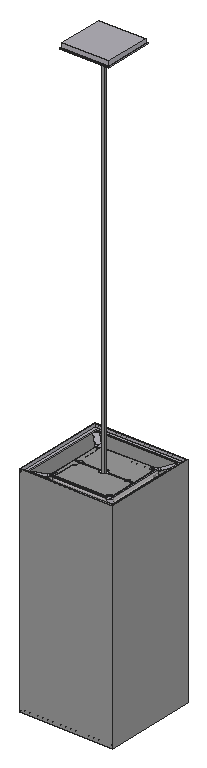
Revit family "Lighting - Lumetta - Pendant - P2093", category Lighting Fixtures, host Ceiling, Revit 2015
Parameters
  Wattage = 14.4067 W
  built-in parameter 1150110 = 1 (stored number, unit not read)
  URL = ""
  built-in parameter 1114217 = 1 (stored number, unit not read)
  Top Lens-Material [instance] = Acrylic - 2447 - White
  Top Lens [instance] = yes
  built-in parameter 1150109 = 1 (stored number, unit not read)
  built-in parameter 1150134 = (empty or 0)
  Suspension [instance] = 1
  built-in parameter 1150113 = 1 (stored number, unit not read)
  P2093 URL [instance] = "https://lumetta.com/luminaires/shadow-box-27-pendant/"
  NON Stem Canopy [instance] = not(Suspension = 3)  # yes
  Model = "P2093"  # constant formula
  Manufacturer = "Lumetta, Inc."  # constant formula
  Lumens = 2140 lm
  built-in parameter 1150115 = 1 (stored number, unit not read)
  built-in parameter 1150105 = 170.3 (stored number, unit not read)
  Light Source Symbol Size = 0' - 1"
  built-in parameter 1150137 = (empty or 0)
  built-in parameter 1150139 = (empty or 0)
  built-in parameter 1150112 = 1 (stored number, unit not read)
  built-in parameter 1150114 = 1 (stored number, unit not read)
  built-in parameter 1150132 = 2
  built-in parameter 1150102 = (empty or 0)
  built-in parameter 1150138 = (empty or 0)
  built-in parameter 1150107 = 3000 (stored number, unit not read)
  built-in parameter 1150106 = 1.703 (stored number, unit not read)
  Frame Finish [instance] = Paint - Lumetta - F02 - PC_Chrome
  Fixture Drop [instance] = 4' - 0"
  built-in parameter 1150104 = 13.8 (stored number, unit not read)
  Dimming Lamp Color Temperature Shift = (empty or 0)
  Diffuser Material-Outer [instance] = Glass, Cast, Gray
  Diffuser Material-Inner [instance] = Shade - Lumetta - D61 - MT_White
  Description = "Shadow Box 27'' Pendant"  # constant formula
  Coupling-Stems over 60 inches [instance] = and(Stem Hung, Fixture Drop > 5' 0")  # no
  Cord Color [instance] = Cord, Black
  Cone Nut-STD-2-3Wire [instance] = Suspension = 1  # yes
  Color Filter = 16777215
  Bushing-LED-4Wire [instance] = Suspension = 2  # no
  Bottom Lens-Material [instance] = Acrylic - P95 - Etched White
  Bottom Lens [instance] = no
  built-in parameter 1114218 = 1 (stored number, unit not read)
  built-in parameter 1150133 = 10 (stored number, unit not read)
  Stem Hung [instance] = Suspension = 3  # no
  1CRD-LED-4Wire [instance] = or(Suspension = 1, Suspension = 2)  # yes
  1 CRD-STD [instance] = or(Suspension = 1, Suspension = 2)  # yes
Reference planes (in)
  plane 1 "Light Source Axis (F/B)": y = 0
  plane 2 "Ceiling": z = 98.08023
  plane 3 "Light Source Axis (L/R)": x = 0
  plane 4 "Light Source Elevation": z = 47.45523
  plane 5 "Fixture Inner Top": z = 50.08023
  plane 6 "Fixture-Height-DIFF-DIFI": z = 30.08023
  plane 7 "Lamping Start": z = 47.38052
  plane 8 "Frame Length-Left": x = -3.75
  plane 9 "Frame Length-Right": x = 3.75
  plane 10 "Frame Width-TOP": y = 3.75
  plane 11 "Frame Width-BTM": y = -3.75
  plane 12 "Outer Frame-Left": x = -5.75
  plane 13 "Outer Frame-Right": x = 5.75
  plane 14 "Outer Frame-Top": y = 5.75
  plane 15 "Outer Frame-BTM": y = -5.75
  plane 16 "Fixture-Height-DIFO": z = 24.01773
  plane 17 "Fixture Outer Top": z = 51.01773
  plane 18 "Shadow Tabs": through (-5.75, -5.75, 90) normal (-0.7071, 0.7071, 0)
Forms (in)
  Extrusion 1, solid, material "Paint - Lumetta - F02 - PC_Chrome" <- "Frame Finish", visible <- "NON Stem Canopy"
    sketch origin (0, 0, 98.08023) x (1, 0, 0) y (0, 1, 0)
      loop
        line (-2.875, -2.875) -> (2.875, -2.875) -> (2.875, 2.875) -> (-2.875, 2.875) -> (-2.875, -2.875)
    from 0 to -0.51061
  Extrusion 2, solid, material "Paint - Lumetta - F02 - PC_Chrome" <- "Frame Finish"
    sketch origin (0, 0, 50.08023) x (0, -1, 0) y (1, 0, 0)
      loop
        line (-3.75, -3.75) -> (3.75, -3.75) -> (3.75, 3.75) -> (-3.75, 3.75) -> (-3.75, -3.75)
      loop
        line (-3.25, -2.97254) -> (-2.97254, -3.25) -> (-0.86007, -3.25) -> (-0.29757, -2.6875) -> (0.20243, -2.6875) -> (0.76493, -3.25) -> (2.97254, -3.25) -> (3.25, -2.97254) -> (3.25, 2.97254) -> (2.97254, 3.25) -> (0.8125, 3.25) -> (0.25, 2.6875) -> (-0.25, 2.6875) -> (-0.8125, 3.25) -> (-2.97254, 3.25) -> (-3.25, 2.97254) -> (-3.25, -2.97254)
      loop
        circle (0, -2.9375) r 0.09369
      loop
        circle (0, 2.84234) r 0.09516
      loop
        circle (-3.375, -3.375) r 0.09341
      loop
        circle (-3.375, 3.375) r 0.09341
      loop
        circle (3.375, -3.375) r 0.09341
      loop
        circle (3.375, 3.375) r 0.09341
    from 0 to -0.38992
  Extrusion 3, void
    sketch origin (0, 0, 50.08023) x (0, -1, 0) y (1, 0, 0)
      loop
        line (-3.6875, -3.6875) -> (3.6875, -3.6875) -> (3.6875, 3.6875) -> (-3.6875, 3.6875) -> (-3.6875, -3.6875)
    from -0.04896 to -0.48478
  Extrusion 4, solid, material "Paint - Lumetta - F02 - PC_Chrome" <- "Frame Finish"
    sketch origin (0, 0, 30.08023) x (-1, 0, 0) y (0, -1, 0)
      loop
        line (3.75, -3.75) -> (3.75, 3.75) -> (-3.75, 3.75) -> (-3.75, -3.75) -> (3.75, -3.75)
      loop
        arc (3.14063, -3.25) -> (3.21796, -3.21796) -> (3.25, -3.14063) r 0.10938
        line (3.25, -3.14063) -> (3.25, 3.14063)
        arc (3.25, 3.14063) -> (3.21796, 3.21796) -> (3.14063, 3.25) r 0.10938
        line (3.14063, 3.25) -> (-3.14062, 3.25)
        arc (-3.14062, 3.25) -> (-3.21796, 3.21796) -> (-3.25, 3.14063) r 0.10938
        line (-3.25, 3.14063) -> (-3.25, -3.14063)
        arc (-3.25, -3.14063) -> (-3.21796, -3.21796) -> (-3.14062, -3.25) r 0.10938
        line (-3.14062, -3.25) -> (3.14063, -3.25)
    from 0 to 0.39015
  Extrusion 5, void
    sketch origin (0, 0, 30.08023) x (-1, 0, 0) y (0, -1, 0)
      loop
        line (3.6875, -3.6875) -> (3.6875, 3.6875) -> (-3.6875, 3.6875) -> (-3.6875, -3.6875) -> (3.6875, -3.6875)
    from 0.0625 to 0.64163
  Extrusion 6, solid, material "Paint - Lumetta - F02 - PC_Chrome" <- "Frame Finish"
    sketch origin (0, 0, 36.01773) x (0, -1, 0) y (1, 0, 0)
      loop
        line (-3.75, 3.75) -> (-3.75, 3.3125) -> (-3.6875, 3.3125) -> (-3.6875, 3.6875) -> (-3.3125, 3.6875) -> (-3.3125, 3.75) -> (-3.75, 3.75)
      loop
        line (-3.75, -3.75) -> (-3.3125, -3.75) -> (-3.3125, -3.6875) -> (-3.6875, -3.6875) -> (-3.6875, -3.3125) -> (-3.75, -3.3125) -> (-3.75, -3.75)
      loop
        line (3.75, -3.75) -> (3.75, -3.3125) -> (3.6875, -3.3125) -> (3.6875, -3.6875) -> (3.3125, -3.6875) -> (3.3125, -3.75) -> (3.75, -3.75)
      loop
        line (3.75, 3.75) -> (3.3125, 3.75) -> (3.3125, 3.6875) -> (3.6875, 3.6875) -> (3.6875, 3.3125) -> (3.75, 3.3125) -> (3.75, 3.75)
    from -5.9375 to 14.0625
  Extrusion 7, solid, material "Paint - Lumetta - F02 - PC_Chrome" <- "Frame Finish", visible <- "NON Stem Canopy"
    sketch origin (18, 0.5, 98.08023) x (1, 0, 0) y (0, 1, 0)
      loop
        line (-21, -3.5) -> (-15, -3.5) -> (-15, 2.5) -> (-21, 2.5) -> (-21, -3.5)
      loop
        circle (-18, -0.5) r 0.34375
    from -0.58679 to -0.51061
  Revolve 8, solid, material "Paint - Lumetta - F02 - PC_Chrome" <- "Frame Finish", visible <- "Cone Nut-STD-2-3Wire"
    sketch origin (0, 0, 0) x (1, 0, 0) y (0, 0, 1)
      loop
        line (0, 97.49343) -> (0, 96.99343) -> (0.28122, 96.99343) -> (0.37341, 97.49343) -> (0, 97.49343)
      axis (0, 96.99343) -> (0, 97.49343)
    angle from 0 to 360
  Extrusion 9, solid, material "Cord, Black" <- "Cord Color", visible <- "1 CRD-STD"
    sketch origin (0, 0, 98.08023) x (1, 0, 0) y (0, 1, 0)
      loop
        circle (0, 0) r 0.1566
    from -0.51061 to -48.12804
  Extrusion 10, solid, material "Paint - Lumetta - F02 - PC_Chrome" <- "Frame Finish", visible <- "Stem Hung"
    sketch origin (0, 0, 98.08023) x (1, 0, 0) y (0, 1, 0)
      loop
        circle (0, 0) r 0.25
    from 0 to -48.12804
  Revolve 11, solid, material "Paint - Lumetta - F02 - PC_Chrome" <- "Frame Finish", visible <- "Stem Hung"
    sketch origin (0, 0, 0) x (1, 0, 0) y (0, 0, 1)
      loop
        line (0, 95.47477) -> (0.34943, 95.47477)
        arc (0.34943, 95.47477) -> (0.55736, 95.72688) -> (0.60533, 96.05014) r 0.61
        line (0.60533, 96.05014) -> (0, 96.05014) -> (0, 95.47477)
      axis (0, 95.47477) -> (0, 96.05014)
    angle from 0 to 360
  Extrusion 12, solid, material "Paint - Lumetta - F02 - PC_Chrome" <- "Frame Finish", visible <- "Bushing-LED-4Wire"
    sketch origin (0, 0, 98.08023) x (1, 0, 0) y (0, 1, 0)
      loop
        circle (0, 0) r 0.37341
      loop
        circle (0, 0) r 0.25
    from -0.66289 to -0.58679
  Extrusion 13, solid, material "Shade - Lumetta - D61 - MT_White" <- "Diffuser Material-Inner"
    sketch origin (0, 0, 50.08023) x (0, -1, 0) y (1, 0, 0)
      loop
        line (-3.75, -3.75) -> (3.75, -3.75) -> (3.75, 3.75) -> (-3.75, 3.75) -> (-3.75, -3.75)
      loop
        line (3.8125, -3.8125) -> (3.8125, 3.8125) -> (-3.8125, 3.8125) -> (-3.8125, -3.8125) -> (3.8125, -3.8125)
    from -20 to 0
  Extrusion 14, solid, material "Acrylic - P95 - Etched White" <- "Bottom Lens-Material", visible <- "Bottom Lens"
    sketch origin (0, 0, 30.08023) x (-1, 0, 0) y (0, -1, 0)
      loop
        line (3.5, -3.5) -> (3.5, 3.5) -> (-3.5, 3.5) -> (-3.5, -3.5) -> (3.5, -3.5)
    from 0.0625 to 0.1875
  Extrusion 15, solid, material "Paint - Lumetta - F02 - PC_Chrome" <- "Frame Finish", visible <- "Stem Hung"
    sketch origin (0, 0, 98.08023) x (1, 0, 0) y (0, 1, 0)
      loop
        line (-3, 3) -> (-3, -3) -> (3, -3) -> (3, 3) -> (-3, 3)
      loop
        circle (0, 0) r 0.53125
    from -2.30546 to -2.23116
  Extrusion 16, solid, material "Paint - Lumetta - F02 - PC_Chrome" <- "Frame Finish", visible <- "Stem Hung"
    sketch origin (0, 0, 98.08023) x (1, 0, 0) y (0, 1, 0)
      loop
        line (-2.875, 2.875) -> (-2.875, -2.875) -> (2.875, -2.875) -> (2.875, 2.875) -> (-2.875, 2.875)
    from -2.23116 to 0
  Extrusion 17, solid, material "Paint - Lumetta - F02 - PC_Chrome" <- "Frame Finish"
    sketch origin (0, 0, 51.01773) x (0, -1, 0) y (1, 0, 0)
      loop
        line (-5.75, -5.75) -> (5.75, -5.75) -> (5.75, 5.75) -> (-5.75, 5.75) -> (-5.75, -5.75)
      loop
        line (5.25, -5.25) -> (5.25, 5.25) -> (-5.25, 5.25) -> (-5.25, -5.25) -> (5.25, -5.25)
    from -0.38652 to 0
  Extrusion 18, void
    sketch origin (0, 0, 51.01773) x (0, -1, 0) y (1, 0, 0)
      loop
        line (-5.6875, -5.6875) -> (5.6875, -5.6875) -> (5.6875, 5.6875) -> (-5.6875, 5.6875) -> (-5.6875, -5.6875)
      loop
        circle (0, 0) r 1
    from -0.3078 to 0
  Extrusion 19, solid, material "Paint - Lumetta - F02 - PC_Chrome" <- "Frame Finish"
    sketch origin (0, 0, 24.01773) x (-1, 0, 0) y (0, -1, 0)
      loop
        line (5.75, -5.75) -> (5.75, 5.75) -> (-5.75, 5.75) -> (-5.75, -5.75) -> (5.75, -5.75)
      loop
        line (5.25, -5.25) -> (5.25, 5.25) -> (-5.25, 5.25) -> (-5.25, -5.25) -> (5.25, -5.25)
    from 0 to 0.36644
  Extrusion 20, void
    sketch origin (0, 0, 24.01773) x (-1, 0, 0) y (0, -1, 0)
      loop
        line (5.6875, -5.6875) -> (5.6875, 5.6875) -> (-5.6875, 5.6875) -> (-5.6875, -5.6875) -> (5.6875, -5.6875)
    from 0.06841 to 0.36644
  Extrusion 21, solid, material "Glass, Cast, Gray" <- "Diffuser Material-Outer"
    sketch origin (0, 0, 51.01773) x (0, -1, 0) y (1, 0, 0)
      loop
        line (-5.75, -5.75) -> (5.75, -5.75) -> (5.75, 5.75) -> (-5.75, 5.75) -> (-5.75, -5.75)
      loop
        line (5.78125, -5.78125) -> (5.78125, 5.78125) -> (-5.78125, 5.78125) -> (-5.78125, -5.78125) -> (5.78125, -5.78125)
    from -27 to 0
  Extrusion 22, solid, material "Paint - Lumetta - F11 - PC_White"
    sketch origin (0, 0, 50.08023) x (0, -1, 0) y (1, 0, 0)
      loop
        circle (0, 2.9375) r 0.09399
      loop
        circle (0, -2.9375) r 0.09391
      loop
        line (-1.25, -3.1875) -> (1.25, -3.1875) -> (1.25, 3.1875) -> (-1.25, 3.1875) -> (-1.25, -3.1875)
    from -0.12804 to -0.04896
  Extrusion 23, solid, material "Paint - Lumetta - F02 - PC_Chrome" <- "Frame Finish"
    sketch origin (0, 0, 0) x (-0.707107, -0.707107, 0) y (0, 0, 1)
      loop
        line (-4.92173, 50.14273) -> (-5.51942, 50.14273) -> (-7.1522, 50.58023) -> (-7.67173, 50.58023) -> (-7.67173, 50.51773) -> (-7.16043, 50.51773) -> (-5.52765, 50.08023) -> (-4.92173, 50.08023) -> (-4.92173, 50.14273)
    from -0.30669 to 0.31131
  Extrusion 24, solid, material "Paint - Lumetta - F02 - PC_Chrome" <- "Frame Finish"
    sketch origin (0, 0, 0) x (0.707107, -0.707107, 0) y (0, 0, 1)
      loop
        line (-4.92173, 50.14273) -> (-5.51942, 50.14273) -> (-7.1522, 50.58023) -> (-7.67173, 50.58023) -> (-7.67173, 50.51773) -> (-7.16043, 50.51773) -> (-5.52765, 50.08023) -> (-4.92173, 50.08023) -> (-4.92173, 50.14273)
    from -0.30669 to 0.31131
  Extrusion 25, solid, material "Paint - Lumetta - F02 - PC_Chrome" <- "Frame Finish"
    sketch origin (0, 0, 0) x (0.707107, 0.707107, 0) y (0, 0, 1)
      loop
        line (-4.92173, 50.14273) -> (-5.51942, 50.14273) -> (-7.1522, 50.58023) -> (-7.67173, 50.58023) -> (-7.67173, 50.51773) -> (-7.16043, 50.51773) -> (-5.52765, 50.08023) -> (-4.92173, 50.08023) -> (-4.92173, 50.14273)
    from -0.30669 to 0.31131
  Extrusion 26, solid, material "Paint - Lumetta - F02 - PC_Chrome" <- "Frame Finish"
    sketch origin (0, 0, 0) x (-0.707107, 0.707107, 0) y (0, 0, 1)
      loop
        line (-4.92173, 50.14273) -> (-5.51942, 50.14273) -> (-7.1522, 50.58023) -> (-7.67173, 50.58023) -> (-7.67173, 50.51773) -> (-7.16043, 50.51773) -> (-5.52765, 50.08023) -> (-4.92173, 50.08023) -> (-4.92173, 50.14273)
    from -0.30669 to 0.31131
  Extrusion 27, solid, material "Paint - Lumetta - F02 - PC_Chrome" <- "Frame Finish"
    sketch origin (0, 0, 50.08023) x (0, -1, 0) y (1, 0, 0)
      loop
        line (-3.75, -3.75) -> (3.75, -3.75) -> (3.75, 3.75) -> (-3.75, 3.75) -> (-3.75, -3.75)
      loop
        line (-0.25, -2.6875) -> (0.25, -2.6875) -> (0.8125, -3.25) -> (3.09375, -3.25)
        arc (3.09375, -3.25) -> (3.20424, -3.20424) -> (3.25, -3.09375) r 0.15625
        line (3.25, -3.09375) -> (3.25, 3.09375)
        arc (3.25, 3.09375) -> (3.20424, 3.20424) -> (3.09375, 3.25) r 0.15625
        line (3.09375, 3.25) -> (0.8125, 3.25) -> (0.25, 2.6875) -> (-0.25, 2.6875) -> (-0.8125, 3.25) -> (-3.09375, 3.25)
        arc (-3.09375, 3.25) -> (-3.20424, 3.20424) -> (-3.25, 3.09375) r 0.15625
        line (-3.25, 3.09375) -> (-3.25, -3.09375)
        arc (-3.25, -3.09375) -> (-3.20424, -3.20424) -> (-3.09375, -3.25) r 0.15625
        line (-3.09375, -3.25) -> (-0.8125, -3.25) -> (-0.25, -2.6875)
      loop
        circle (0, -2.9375) r 0.09489
      loop
        circle (0, 2.9375) r 0.09546
      loop
        circle (-3.375, -3.375) r 0.09445
      loop
        circle (-3.375, 3.375) r 0.09445
      loop
        circle (3.375, 3.375) r 0.09445
      loop
        circle (3.375, -3.375) r 0.09445
    from 0 to 0.0625
  Extrusion 28, solid, material "Acrylic - 2447 - White" <- "Top Lens-Material", visible <- "Top Lens"
    sketch origin (0, 0, 50.08023) x (0, -1, 0) y (1, 0, 0)
      loop
        arc (-3.625, -3.125) -> (-3.59045, -3.1809) -> (-3.525, -3.175) r 0.0625
        arc (-3.525, -3.175) -> (-3.19822, -3.19822) -> (-3.175, -3.525) r 0.25
        arc (-3.175, -3.525) -> (-3.1809, -3.59045) -> (-3.125, -3.625) r 0.0625
        line (-3.125, -3.625) -> (-0.125, -3.625)
        arc (-0.125, -3.625) -> (-0.08081, -3.60669) -> (-0.0625, -3.5625) r 0.0625
        line (-0.0625, -3.5625) -> (-0.0625, -3.22391)
        arc (-0.0625, -3.22391) -> (-0.07271, -3.18968) -> (-0.1, -3.16663) r 0.0625
        arc (-0.1, -3.16663) -> (-0.25, -2.9375) -> (-0.1, -2.70837) r 0.25
        arc (-0.1, -2.70837) -> (-0.07271, -2.68532) -> (-0.0625, -2.65109) r 0.0625
        line (-0.0625, -2.65109) -> (-0.0625, -0.54844)
        arc (-0.0625, -0.54844) -> (-0.07614, -0.50946) -> (-0.11111, -0.4875) r 0.0625
        arc (-0.11111, -0.4875) -> (-0.5, 0) -> (-0.11111, 0.4875) r 0.5
        arc (-0.11111, 0.4875) -> (-0.07614, 0.50946) -> (-0.0625, 0.54844) r 0.0625
        line (-0.0625, 0.54844) -> (-0.0625, 2.65109)
        arc (-0.0625, 2.65109) -> (-0.07271, 2.68532) -> (-0.1, 2.70837) r 0.0625
        arc (-0.1, 2.70837) -> (-0.25, 2.9375) -> (-0.1, 3.16663) r 0.25
        arc (-0.1, 3.16663) -> (-0.07271, 3.18968) -> (-0.0625, 3.22391) r 0.0625
        line (-0.0625, 3.22391) -> (-0.0625, 3.5625)
        arc (-0.0625, 3.5625) -> (-0.08081, 3.60669) -> (-0.125, 3.625) r 0.0625
        line (-0.125, 3.625) -> (-3.125, 3.625)
        arc (-3.125, 3.625) -> (-3.1809, 3.59045) -> (-3.175, 3.525) r 0.0625
        arc (-3.175, 3.525) -> (-3.19822, 3.19822) -> (-3.525, 3.175) r 0.25
        arc (-3.525, 3.175) -> (-3.59045, 3.1809) -> (-3.625, 3.125) r 0.0625
        line (-3.625, 3.125) -> (-3.625, -3.125)
      loop
        arc (0.0625, -3.5625) -> (0.08081, -3.60669) -> (0.125, -3.625) r 0.0625
        line (0.125, -3.625) -> (3.125, -3.625)
        arc (3.125, -3.625) -> (3.1809, -3.59045) -> (3.175, -3.525) r 0.0625
        arc (3.175, -3.525) -> (3.19822, -3.19822) -> (3.525, -3.175) r 0.25
        arc (3.525, -3.175) -> (3.59045, -3.1809) -> (3.625, -3.125) r 0.0625
        line (3.625, -3.125) -> (3.625, 3.125)
        arc (3.625, 3.125) -> (3.59045, 3.1809) -> (3.525, 3.175) r 0.0625
        arc (3.525, 3.175) -> (3.19822, 3.19822) -> (3.175, 3.525) r 0.25
        arc (3.175, 3.525) -> (3.1809, 3.59045) -> (3.125, 3.625) r 0.0625
        line (3.125, 3.625) -> (0.125, 3.625)
        arc (0.125, 3.625) -> (0.08081, 3.60669) -> (0.0625, 3.5625) r 0.0625
        line (0.0625, 3.5625) -> (0.0625, 3.22391)
        arc (0.0625, 3.22391) -> (0.07271, 3.18968) -> (0.1, 3.16663) r 0.0625
        arc (0.1, 3.16663) -> (0.25, 2.9375) -> (0.1, 2.70837) r 0.25
        arc (0.1, 2.70837) -> (0.07271, 2.68532) -> (0.0625, 2.65109) r 0.0625
        line (0.0625, 2.65109) -> (0.0625, 0.54844)
        arc (0.0625, 0.54844) -> (0.07614, 0.50946) -> (0.11111, 0.4875) r 0.0625
        arc (0.11111, 0.4875) -> (0.5, 0) -> (0.11111, -0.4875) r 0.5
        arc (0.11111, -0.4875) -> (0.07614, -0.50946) -> (0.0625, -0.54844) r 0.0625
        line (0.0625, -0.54844) -> (0.0625, -2.65109)
        arc (0.0625, -2.65109) -> (0.07271, -2.68532) -> (0.1, -2.70837) r 0.0625
        arc (0.1, -2.70837) -> (0.25, -2.9375) -> (0.1, -3.16663) r 0.25
        arc (0.1, -3.16663) -> (0.07271, -3.18968) -> (0.0625, -3.22391) r 0.0625
        line (0.0625, -3.22391) -> (0.0625, -3.5625)
    from 0.0625 to 0.11706
  Revolve 29, solid, material "Paint - Lumetta - F02 - PC_Chrome" <- "Frame Finish", visible <- "Coupling-Stems over 60 inches"
    sketch origin (0, 0, 0) x (1, 0, 0) y (0, 0, 1)
      loop
        line (0, 111.28089) -> (0, 110.76527) -> (0.2625, 110.76527)
        arc (0.2625, 110.76527) -> (0.31245, 110.81299) -> (0.26706, 110.86506) r 0.05
        arc (0.26706, 110.86506) -> (0.29372, 111.02334) -> (0.26313, 111.1809) r 0.45
        arc (0.26313, 111.1809) -> (0.3125, 111.23121) -> (0.2625, 111.28089) r 0.05
        line (0.2625, 111.28089) -> (0, 111.28089)
      axis (0, 110.76527) -> (0, 111.28089)
    angle from 0 to 360
  Revolve 30, solid, material "Paint - Lumetta - F02 - PC_Chrome" <- "Frame Finish", visible <- "Stem Hung"
    sketch origin (0, 0, 0) x (1, 0, 0) y (0, 0, 1)
      loop
        arc (1.9375, 95.40436) -> (2.12395, 95.59081) -> (1.9375, 95.77726) r 0.18645
        line (1.9375, 95.77726) -> (1.9375, 95.40436)
      axis (1.9375, 95.77726) -> (1.9375, 95.40436)
    angle from 0 to 360
  Revolve 31, solid, material "Paint - Lumetta - F02 - PC_Chrome" <- "Frame Finish", visible <- "Stem Hung"
    sketch origin (-3.87526, 0, 0) x (1, 0, 0) y (0, 0, 1)
      loop
        arc (1.9375, 95.40436) -> (2.12395, 95.59081) -> (1.9375, 95.77726) r 0.18645
        line (1.9375, 95.77726) -> (1.9375, 95.40436)
      axis (1.9375, 95.77726) -> (1.9375, 95.40436)
    angle from 0 to 360
  Revolve 32, solid, material "Paint - Lumetta - F02 - PC_Chrome" <- "Frame Finish", visible <- "Bushing-LED-4Wire"
    sketch origin (0, 0, 1.71866) x (1, 0, 0) y (0, 0, 1)
      loop
        arc (1.9375, 95.40436) -> (2.12395, 95.59081) -> (1.9375, 95.77726) r 0.18645
        line (1.9375, 95.77726) -> (1.9375, 95.40436)
      axis (1.9375, 95.77726) -> (1.9375, 95.40436)
    angle from 0 to 360
  Revolve 33, solid, material "Paint - Lumetta - F02 - PC_Chrome" <- "Frame Finish", visible <- "Bushing-LED-4Wire"
    sketch origin (-3.87526, 0, 1.71866) x (1, 0, 0) y (0, 0, 1)
      loop
        arc (1.9375, 95.40436) -> (2.12395, 95.59081) -> (1.9375, 95.77726) r 0.18645
        line (1.9375, 95.77726) -> (1.9375, 95.40436)
      axis (1.9375, 95.77726) -> (1.9375, 95.40436)
    angle from 0 to 360
Cuts and joins
  Extrusion 3, Extrusion 5 cuts Extrusion 2
  Extrusion 5 cuts Extrusion 4
  Extrusion 18 cuts Extrusion 9
  Extrusion 18 cuts Extrusion 10
  Extrusion 18 cuts Extrusion 17
  Extrusion 20 cuts Extrusion 19
Dimensions and locks (in)
  equal spacing: host sketch curve, plane 3 "Light Source Axis (L/R)", host sketch curve
  equal spacing: host sketch curve, plane 1 "Light Source Axis (F/B)", host sketch curve
  host sketch curve to host sketch curve = 10' - 0"  (x2)
  locked: plane 5 "Fixture Inner Top" to plane 4 "Light Source Elevation" at 2.625
  "Fixture Drop": plane 2 "Ceiling" to plane 5 "Fixture Inner Top"
  plane 5 "Fixture Inner Top" to plane 6 "Fixture-Height-DIFF-DIFI" = 1' - 8"
  locked: Extrusion 7 to Revolve 8 sketch curve at 0.5
  locked: Extrusion 12 sketch curve to plane 3 "Light Source Axis (L/R)" at 0
  plane 5 "Fixture Inner Top" to plane 7 "Lamping Start" = 0' - 2.69971"
  locked: cut or joined group of Extrusion 2, Extrusion 3, Extrusion 5 to Extrusion 13 sketch curve at 0.0625
  locked: cut or joined group of Extrusion 4, Extrusion 5 to plane 6 "Fixture-Height-DIFF-DIFI" at 0.0625
  plane 3 "Light Source Axis (L/R)" to Revolve 8 sketch curve = 0' - 0"
  Extrusion 9 sketch curve to plane 3 "Light Source Axis (L/R)" = 0' - 0"
  equal spacing: plane 8 "Frame Length-Left", plane 3 "Light Source Axis (L/R)", plane 9 "Frame Length-Right"
  locked: plane 8 "Frame Length-Left" to plane 9 "Frame Length-Right" at 7.5
  equal spacing: plane 10 "Frame Width-TOP", plane 1 "Light Source Axis (F/B)", plane 11 "Frame Width-BTM"
  locked: plane 10 "Frame Width-TOP" to plane 11 "Frame Width-BTM" at 7.5
  equal spacing: plane 12 "Outer Frame-Left", plane 3 "Light Source Axis (L/R)", plane 13 "Outer Frame-Right"
  equal spacing: plane 15 "Outer Frame-BTM", plane 1 "Light Source Axis (F/B)", plane 14 "Outer Frame-Top"
  locked: plane 12 "Outer Frame-Left" to plane 13 "Outer Frame-Right" at 11.5
  locked: plane 14 "Outer Frame-Top" to plane 15 "Outer Frame-BTM" at 11.5
  locked: Extrusion 6 sketch curve to plane 8 "Frame Length-Left" at 0  (x2)
  locked: Extrusion 6 sketch curve to plane 10 "Frame Width-TOP" at 0  (x2)
  Extrusion 6 sketch curve to plane 11 "Frame Width-BTM" = 0' - 0"
  locked: Extrusion 6 sketch curve to plane 9 "Frame Length-Right" at 0  (x2)
  locked: Extrusion 6 sketch curve to plane 11 "Frame Width-BTM" at 0
  locked: Extrusion 6 sketch curve to plane 10 "Frame Width-TOP" at 0.4375
  locked: Extrusion 6 sketch curve to plane 11 "Frame Width-BTM" at 0.4375
  locked: plane 10 "Frame Width-TOP" to Extrusion 6 sketch curve at 0.4375
  locked: plane 11 "Frame Width-BTM" to Extrusion 6 sketch curve at 0.4375
  Extrusion 13 to plane 9 "Frame Length-Right" = 0' - 0"
  locked: plane 9 "Frame Length-Right" to Extrusion 2 sketch curve
  locked: Extrusion 2 sketch curve to plane 10 "Frame Width-TOP" at 0
  locked: Extrusion 2 sketch curve to plane 11 "Frame Width-BTM" at 0
  locked: plane 8 "Frame Length-Left" to Extrusion 5 sketch curve at 0.0625
  locked: Extrusion 5 sketch curve to plane 9 "Frame Length-Right" at 0.0625
  locked: plane 8 "Frame Length-Left" to Extrusion 2 sketch curve
  locked: Extrusion 2 sketch curve to Extrusion 2 sketch curve at 0.5
  locked: plane 8 "Frame Length-Left" to Extrusion 3 sketch curve at 0.0625
  locked: Extrusion 3 sketch curve to plane 9 "Frame Length-Right" at 0.0625
  locked: plane 8 "Frame Length-Left" to Extrusion 4 sketch curve
  locked: Extrusion 4 sketch curve to Extrusion 4 sketch curve at 0.5  (x2)
  locked: Extrusion 4 sketch curve to plane 9 "Frame Length-Right"
  locked: Extrusion 14 sketch curve to plane 9 "Frame Length-Right" at 0.25
  locked: Extrusion 14 sketch curve to plane 10 "Frame Width-TOP" at 0.25
  locked: Extrusion 14 sketch curve to plane 11 "Frame Width-BTM" at 0.25
  locked: plane 8 "Frame Length-Left" to Extrusion 14 sketch curve at 0.25
  locked: Extrusion 13 sketch curve to cut or joined group of Extrusion 2, Extrusion 3, Extrusion 5 at 0.0625  (x3)
  equal spacing: Extrusion 7 sketch curve, plane 1 "Light Source Axis (F/B)", Extrusion 7 sketch curve
  equal spacing: Extrusion 7 sketch curve, plane 3 "Light Source Axis (L/R)", Extrusion 7 sketch curve
  locked: Extrusion 7 sketch curve to Extrusion 7 sketch curve at 6  (x2)
  locked: Extrusion 7 to Extrusion 1 sketch curve at 0.125  (x3)
  locked: Extrusion 1 sketch curve to Extrusion 7 at 0.125
  locked: Extrusion 13 to plane 6 "Fixture-Height-DIFF-DIFI" at 0
  locked: Extrusion 6 to plane 6 "Fixture-Height-DIFF-DIFI" at 0
  plane 17 "Fixture Outer Top" to plane 5 "Fixture Inner Top" = 0' - 0 15/16"
  plane 17 "Fixture Outer Top" to plane 16 "Fixture-Height-DIFO" = 2' - 3"
  Extrusion 12 sketch curve to Extrusion 12 sketch curve = 0' - 0"
  locked: Revolve 8 sketch curve to Revolve 8 sketch curve at 0
  locked: Revolve 8 sketch curve to Revolve 8 sketch curve at 0.28122
  locked: Revolve 8 sketch curve to Revolve 8 sketch curve at 0.37341
  Extrusion 7 to Revolve 11 sketch curve = 0' - 2.01866"
  locked: plane 3 "Light Source Axis (L/R)" to Revolve 11 sketch curve at 0
  locked: plane 2 "Ceiling" to Extrusion 1 at 0.51061
  locked: Extrusion 1 to Extrusion 7 at 0.07619
  locked: Extrusion 7 to Extrusion 12 at 0.07609
  locked: Extrusion 15 sketch curve to Extrusion 7  (x4)
  locked: Extrusion 15 to Extrusion 15 at 0.07429
  locked: plane 2 "Ceiling" to Extrusion 15 at 2.23116
  locked: Extrusion 15 to Extrusion 16 sketch curve at 0.125  (x3)
  locked: Extrusion 16 sketch curve to Extrusion 15 at 0.125
  locked: Extrusion 6 sketch curve to Extrusion 6 sketch curve at 0.4375  (x4)
  locked: Extrusion 6 sketch curve to Extrusion 6 sketch curve at 0.0625  (x8)
  locked: cut or joined group of Extrusion 4, Extrusion 5 to plane 6 "Fixture-Height-DIFF-DIFI" at 0.39015
  locked: plane 5 "Fixture Inner Top" to cut or joined group of Extrusion 2, Extrusion 3, Extrusion 5 at 0.38992
  locked: plane 10 "Frame Width-TOP" to Extrusion 3 sketch curve at 0.0625
  locked: Extrusion 3 sketch curve to plane 11 "Frame Width-BTM" at 0.0625
  locked: Extrusion 2 sketch curve to plane 10 "Frame Width-TOP" at 0.5
  locked: Extrusion 2 sketch curve to plane 11 "Frame Width-BTM" at 0.5
  locked: Extrusion 2 sketch curve to plane 9 "Frame Length-Right" at 0.5
  locked: Extrusion 4 sketch curve to plane 10 "Frame Width-TOP" at 0.5
  locked: Extrusion 4 sketch curve to plane 11 "Frame Width-BTM" at 0.5
  locked: Extrusion 5 sketch curve to plane 10 "Frame Width-TOP" at 0.0625
  locked: Extrusion 5 sketch curve to plane 11 "Frame Width-BTM" at 0.0625
  locked: plane 5 "Fixture Inner Top" to cut or joined group of Extrusion 2, Extrusion 3, Extrusion 5 at 0.04896
  locked: Extrusion 2 sketch curve to plane 3 "Light Source Axis (L/R)" at 4.4
  locked: plane 3 "Light Source Axis (L/R)" to Extrusion 2 sketch curve at 4.4  (x3)
  locked: Extrusion 2 sketch curve to plane 3 "Light Source Axis (L/R)" at 2.6875
  locked: plane 3 "Light Source Axis (L/R)" to Extrusion 2 sketch curve at 2.6875
  locked: plane 1 "Light Source Axis (F/B)" to Extrusion 2 sketch curve at 0.25
  locked: Extrusion 2 sketch curve to plane 1 "Light Source Axis (F/B)" at 0.25
  locked: Extrusion 2 sketch curve to plane 3 "Light Source Axis (L/R)" at 2.9375
  locked: plane 3 "Light Source Axis (L/R)" to Extrusion 2 sketch curve at 2.9375
  locked: Extrusion 17 sketch curve to plane 14 "Outer Frame-Top" at 0
  locked: Extrusion 17 sketch curve to plane 15 "Outer Frame-BTM" at 0
  locked: Extrusion 17 sketch curve to plane 13 "Outer Frame-Right" at 0
  locked: Extrusion 17 sketch curve to plane 12 "Outer Frame-Left" at 0
  locked: Extrusion 17 sketch curve to Extrusion 17 sketch curve at 0.5  (x4)
  locked: plane 17 "Fixture Outer Top" to Extrusion 17 at 0.38652
  locked: Extrusion 18 sketch curve to plane 14 "Outer Frame-Top" at 0.0625
  locked: Extrusion 18 sketch curve to plane 15 "Outer Frame-BTM" at 0.0625
  locked: plane 12 "Outer Frame-Left" to Extrusion 18 sketch curve at 0.0625
  locked: Extrusion 18 sketch curve to plane 13 "Outer Frame-Right" at 0.0625
  locked: plane 17 "Fixture Outer Top" to cut or joined group of Extrusion 10, Extrusion 18 at 0.3078
  locked: Extrusion 2 sketch curve to plane 3 "Light Source Axis (L/R)" at 3.375
  locked: plane 1 "Light Source Axis (F/B)" to Extrusion 2 sketch curve at 3.375
  locked: Extrusion 19 sketch curve to plane 12 "Outer Frame-Left" at 0
  locked: Extrusion 19 sketch curve to plane 14 "Outer Frame-Top" at 0
  locked: Extrusion 19 sketch curve to plane 13 "Outer Frame-Right" at 0
  locked: Extrusion 19 sketch curve to plane 15 "Outer Frame-BTM" at 0
  locked: Extrusion 19 sketch curve to Extrusion 19 sketch curve at 0.5  (x4)
  plane 3 "Light Source Axis (L/R)" to Extrusion 19 = 0' - 5 3/4"
  locked: Extrusion 19 to plane 16 "Fixture-Height-DIFO" at 0.36644
  locked: Extrusion 20 sketch curve to plane 14 "Outer Frame-Top" at 0.0625
  locked: plane 12 "Outer Frame-Left" to Extrusion 20 sketch curve at 0.0625
  locked: Extrusion 20 sketch curve to plane 13 "Outer Frame-Right" at 0.0625
  locked: Extrusion 20 sketch curve to plane 15 "Outer Frame-BTM" at 0.0625
  locked: Extrusion 20 to plane 16 "Fixture-Height-DIFO" at 0.06841
  locked: Extrusion 21 sketch curve to plane 12 "Outer Frame-Left" at 0
  locked: Extrusion 21 sketch curve to plane 14 "Outer Frame-Top" at 0
  locked: Extrusion 21 sketch curve to plane 13 "Outer Frame-Right" at 0
  locked: Extrusion 21 sketch curve to plane 15 "Outer Frame-BTM" at 0
  locked: Extrusion 21 sketch curve to Extrusion 21 sketch curve at 0.03125  (x4)
  locked: Extrusion 22 sketch curve to plane 3 "Light Source Axis (L/R)" at 2.9375
  locked: plane 3 "Light Source Axis (L/R)" to Extrusion 22 sketch curve at 2.9375
  plane 1 "Light Source Axis (F/B)" to Extrusion 22 sketch curve = 0' - 1 1/4"  (x2)
  plane 3 "Light Source Axis (L/R)" to Extrusion 22 sketch curve = 0' - 3 3/16"
  Extrusion 22 sketch curve to plane 3 "Light Source Axis (L/R)" = 0' - 3 3/16"
  locked: cut or joined group of Extrusion 2, Extrusion 3, Extrusion 5 to Extrusion 22 at 0.07909
  Extrusion 21 to Extrusion 23 sketch curve = 0' - 0 7/16"
  Extrusion 23 sketch curve to Extrusion 21 = 0' - 0.46"
  Extrusion 21 to Extrusion 23 sketch curve = 0' - 0 7/8"
  Extrusion 23 sketch curve to Extrusion 23 sketch curve = 0' - 2 3/4"
  locked: Extrusion 23 to plane 18 "Shadow Tabs" at 0.31131
  locked: Extrusion 23 to plane 18 "Shadow Tabs" at 0.30669
  Extrusion 24 sketch curve to Extrusion 24 sketch curve = 0' - 2 3/4"
  Extrusion 25 sketch curve to Extrusion 25 sketch curve = 0' - 2 3/4"
  Extrusion 26 sketch curve to Extrusion 26 sketch curve = 0' - 2 3/4"
  locked: Extrusion 27 sketch curve to plane 8 "Frame Length-Left" at 0
  locked: Extrusion 27 sketch curve to plane 10 "Frame Width-TOP" at 0
  locked: Extrusion 27 sketch curve to plane 9 "Frame Length-Right" at 0
  locked: Extrusion 27 sketch curve to plane 11 "Frame Width-BTM" at 0
  locked: plane 1 "Light Source Axis (F/B)" to Extrusion 27 sketch curve at 0.25  (x2)
  locked: Extrusion 27 sketch curve to plane 3 "Light Source Axis (L/R)" at 2.6875
  locked: plane 3 "Light Source Axis (L/R)" to Extrusion 27 sketch curve at 2.6875
  locked: Extrusion 27 sketch curve to plane 3 "Light Source Axis (L/R)" at 2.9375
  locked: plane 3 "Light Source Axis (L/R)" to Extrusion 27 sketch curve at 2.9375
  locked: plane 10 "Frame Width-TOP" to Extrusion 27 sketch curve at 0.375  (x2)
  locked: plane 8 "Frame Length-Left" to Extrusion 27 sketch curve at 0.375  (x2)
  locked: Extrusion 27 sketch curve to plane 9 "Frame Length-Right" at 0.375  (x2)
  locked: Extrusion 27 sketch curve to plane 11 "Frame Width-BTM" at 0.375  (x2)
  locked: Extrusion 28 sketch curve to plane 3 "Light Source Axis (L/R)" at 2.9375
  locked: plane 3 "Light Source Axis (L/R)" to Extrusion 28 sketch curve at 2.9375
  locked: Extrusion 28 sketch curve to plane 1 "Light Source Axis (F/B)"  (x4)
  locked: Extrusion 28 sketch curve to plane 1 "Light Source Axis (F/B)" at 0.0625  (x8)
  Extrusion 28 sketch curve to plane 3 "Light Source Axis (L/R)" = 0' - 3 3/8"
  plane 1 "Light Source Axis (F/B)" to Extrusion 28 sketch curve = 0' - 3 3/8"
  locked: plane 8 "Frame Length-Left" to Extrusion 28 sketch curve at 0.125  (x2)
  locked: Extrusion 28 sketch curve to plane 10 "Frame Width-TOP" at 0.125
  locked: Extrusion 28 sketch curve to plane 11 "Frame Width-BTM" at 0.125
  locked: Extrusion 28 sketch curve to plane 9 "Frame Length-Right" at 0.125  (x2)
  locked: Extrusion 28 to Extrusion 27 at 0.05456
  locked: Revolve 11 sketch curve to Extrusion 15 at 0.2
  locked: Extrusion 15 to Revolve 11 sketch curve at 0.3
  locked: plane 17 "Fixture Outer Top" to cut or joined group of Extrusion 10, Extrusion 18 at 1.06554
  locked: plane 17 "Fixture Outer Top" to cut or joined group of Extrusion 9, Extrusion 18 at 1.06554
  locked: Revolve 29 sketch curve to Revolve 29 sketch curve at 0.05  (x2)
  locked: plane 3 "Light Source Axis (L/R)" to Revolve 29 sketch curve at 0.15625
  locked: Revolve 29 sketch curve to plane 3 "Light Source Axis (L/R)" at 0.2625  (x2)
  locked: Revolve 29 sketch curve to Revolve 29 sketch curve at 0.51563
  Revolve 29 sketch curve to plane 17 "Fixture Outer Top" = 5' - 0"
  Revolve 30 sketch curve to plane 3 "Light Source Axis (L/R)" = 0' - 1 15/16"
  locked: Revolve 30 sketch curve to Revolve 30 sketch curve
  locked: Extrusion 15 to Revolve 30 sketch curve at 0.18396
  locked: Revolve 31 sketch curve to Revolve 31 sketch curve
  locked: Revolve 32 sketch curve to Revolve 32 sketch curve
  locked: Revolve 33 sketch curve to Revolve 33 sketch curve
  locked: host ceiling to plane 2 "Ceiling"
  locked: Extrusion 23 sketch curve to Extrusion 23 sketch curve (angle 15.00°)
  locked: Extrusion 24 sketch curve to Extrusion 24 sketch curve (angle 15.00°)
  locked: Extrusion 25 sketch curve to Extrusion 25 sketch curve (angle 15.00°)
  locked: Extrusion 26 sketch curve to Extrusion 26 sketch curve (angle 15.00°)
  aligned and locked: plane 3 "Light Source Axis (L/R)" to imposter light
  aligned and locked: plane 1 "Light Source Axis (F/B)" to imposter light
  aligned and locked: plane 4 "Light Source Elevation" to imposter light
  aligned and locked: Extrusion 9 to Extrusion 1
  aligned and locked: plane 2 "Ceiling" to Extrusion 10
  aligned and locked: Extrusion 4 to plane 6 "Fixture-Height-DIFF-DIFI"
  aligned and locked: plane 8 "Frame Length-Left" to Extrusion 13 sketch curve
  aligned and locked: Extrusion 13 sketch curve to plane 10 "Frame Width-TOP"
  aligned and locked: Extrusion 13 sketch curve to plane 9 "Frame Length-Right"
  aligned and locked: plane 11 "Frame Width-BTM" to Extrusion 13 sketch curve
  aligned and locked: Extrusion 6 to plane 5 "Fixture Inner Top"
  aligned and locked: Extrusion 7 to Extrusion 1
  aligned and locked: Extrusion 12 to Extrusion 7
  aligned and locked: Extrusion 16 to Extrusion 15
  aligned and locked: plane 2 "Ceiling" to Extrusion 16
  aligned and locked: Extrusion 17 to plane 17 "Fixture Outer Top"
  aligned and locked: Extrusion 18 to plane 17 "Fixture Outer Top"
  aligned and locked: Extrusion 19 to Extrusion 20
  aligned and locked: Extrusion 21 to plane 16 "Fixture-Height-DIFO"
  aligned and locked: Extrusion 21 to plane 17 "Fixture Outer Top"
  aligned and locked: cut or joined group of Extrusion 2, Extrusion 3, Extrusion 5 to Extrusion 22
  aligned and locked: plane 5 "Fixture Inner Top" to Extrusion 27
  aligned and locked: Extrusion 23 to Extrusion 27
  aligned and locked: Extrusion 28 to Extrusion 23
Automatic sketch dimensions
  Extrusion 2 sketch curve to plane 18 "Shadow Tabs" = 0' - 0"  (x2)
  plane 1 "Light Source Axis (F/B)" to Extrusion 2 sketch curve = 0' - 0"  (x2)
  Extrusion 2 sketch curve to plane 9 "Frame Length-Right" = 0' - 0 3/8"  (x2)
  Extrusion 2 sketch curve to Extrusion 2 sketch curve = 0' - 0.27746"  (x4)
  Extrusion 2 sketch curve to plane 1 "Light Source Axis (F/B)" = 0' - 0.86007"
  Extrusion 2 sketch curve to Extrusion 2 sketch curve = 0' - 0 9/16"  (x2)
  Extrusion 2 sketch curve to plane 1 "Light Source Axis (F/B)" = 0' - 0.29757"
  plane 1 "Light Source Axis (F/B)" to Extrusion 2 sketch curve = 0' - 0.20243"
  plane 1 "Light Source Axis (F/B)" to Extrusion 2 sketch curve = 0' - 0.76493"
  plane 8 "Frame Length-Left" to Extrusion 2 sketch curve = 0' - 0 3/8"
  plane 11 "Frame Width-BTM" to Extrusion 2 sketch curve = 0' - 0 3/8"
  plane 8 "Frame Length-Left" to Extrusion 2 sketch curve = 0' - 0 1/2"
  Extrusion 2 sketch curve to Extrusion 2 sketch curve = 0' - 0.15484"
  Extrusion 2 sketch curve to Extrusion 2 sketch curve = 0' - 0.40246"
  Extrusion 4 sketch curve to plane 10 "Frame Width-TOP" = 0' - 0"
  Extrusion 4 sketch curve to plane 11 "Frame Width-BTM" = 0' - 0"
  Extrusion 4 sketch curve to Extrusion 4 sketch curve = 0' - 0 7/64"  (x4)
  plane 1 "Light Source Axis (F/B)" to Extrusion 7 sketch curve = 0' - 0"
  Extrusion 7 sketch curve to plane 3 "Light Source Axis (L/R)" = 0' - 0"
  Revolve 8 sketch curve to plane 3 "Light Source Axis (L/R)" = 0' - 0"
  Revolve 8 sketch curve to Revolve 8 sketch curve = 0' - 0 1/2"
  Revolve 8 sketch curve to Revolve 8 sketch curve = 0' - 0"
  plane 2 "Ceiling" to Revolve 8 sketch curve = 0' - 2 11/16"
  plane 1 "Light Source Axis (F/B)" to Extrusion 9 sketch curve = 0' - 0"
  plane 1 "Light Source Axis (F/B)" to Extrusion 10 sketch curve = 0' - 0"
  Extrusion 10 sketch curve to plane 3 "Light Source Axis (L/R)" = 0' - 0"
  Revolve 11 sketch curve to plane 3 "Light Source Axis (L/R)" = 0' - 0"  (x2)
  Revolve 11 sketch curve to Revolve 11 sketch curve = 0' - 0.34943"
  Revolve 11 sketch curve to Revolve 11 sketch curve = 0' - 0.60533"
  Revolve 11 sketch curve to Revolve 11 sketch curve = 0' - 11.73134"
  plane 2 "Ceiling" to Revolve 11 sketch curve = 0' - 2 15/16"
  Extrusion 12 sketch curve to Extrusion 12 sketch curve = 0' - 0"
  plane 1 "Light Source Axis (F/B)" to Extrusion 12 sketch curve = 0' - 0"
  plane 1 "Light Source Axis (F/B)" to Extrusion 15 sketch curve = 0' - 0"
  Extrusion 15 sketch curve to plane 3 "Light Source Axis (L/R)" = 0' - 0"
  plane 1 "Light Source Axis (F/B)" to Extrusion 18 sketch curve = 0' - 0"
  Extrusion 18 sketch curve to plane 3 "Light Source Axis (L/R)" = 0' - 0"
  plane 1 "Light Source Axis (F/B)" to Extrusion 22 sketch curve = 0' - 0"  (x2)
  Extrusion 23 sketch curve to plane 5 "Fixture Inner Top" = 0' - 0"
  Extrusion 23 sketch curve to Extrusion 23 sketch curve = 0' - 0.5113"
  Extrusion 23 sketch curve to Extrusion 23 sketch curve = 0' - 0.00823"  (x2)
  Extrusion 23 sketch curve to Extrusion 23 sketch curve = 0' - 0 1/16"
  plane 5 "Fixture Inner Top" to Extrusion 24 sketch curve = 0' - 0"
  Extrusion 24 sketch curve to plane 5 "Fixture Inner Top" = 0' - 0 7/16"
  plane 18 "Shadow Tabs" to Extrusion 24 sketch curve = 0' - 7.67173"
  Extrusion 24 sketch curve to Extrusion 24 sketch curve = 0' - 0.5113"
  plane 17 "Fixture Outer Top" to Extrusion 24 sketch curve = 0' - 0 7/16"
  Extrusion 24 sketch curve to Extrusion 24 sketch curve = 0' - 0.00823"
  Extrusion 24 sketch curve to Extrusion 24 sketch curve = 0' - 0.60592"
  Extrusion 24 sketch curve to plane 5 "Fixture Inner Top" = 0' - 0 1/16"
  plane 5 "Fixture Inner Top" to Extrusion 25 sketch curve = 0' - 0"
  Extrusion 25 sketch curve to plane 5 "Fixture Inner Top" = 0' - 0 7/16"
  Extrusion 25 sketch curve to Extrusion 25 sketch curve = 0' - 0.5113"
  plane 17 "Fixture Outer Top" to Extrusion 25 sketch curve = 0' - 0 7/16"
  Extrusion 25 sketch curve to Extrusion 25 sketch curve = 0' - 0.00823"
  Extrusion 25 sketch curve to Extrusion 25 sketch curve = 0' - 0.60592"
  Extrusion 25 sketch curve to plane 5 "Fixture Inner Top" = 0' - 0 1/16"
  Extrusion 26 sketch curve to plane 5 "Fixture Inner Top" = 0' - 0"
  Extrusion 26 sketch curve to plane 5 "Fixture Inner Top" = 0' - 0 7/16"
  Extrusion 26 sketch curve to plane 18 "Shadow Tabs" = 0' - 7.67173"
  Extrusion 26 sketch curve to Extrusion 26 sketch curve = 0' - 0.5113"
  plane 17 "Fixture Outer Top" to Extrusion 26 sketch curve = 0' - 0 7/16"
  Extrusion 26 sketch curve to Extrusion 26 sketch curve = 0' - 0.00823"
  Extrusion 26 sketch curve to Extrusion 26 sketch curve = 0' - 0.60592"
  Extrusion 26 sketch curve to plane 5 "Fixture Inner Top" = 0' - 0 1/16"
  Extrusion 27 sketch curve to plane 18 "Shadow Tabs" = 0' - 0"  (x2)
  plane 1 "Light Source Axis (F/B)" to Extrusion 27 sketch curve = 0' - 0"  (x2)
  Extrusion 27 sketch curve to Extrusion 27 sketch curve = 0' - 0 1/8"  (x2)
  Extrusion 27 sketch curve to Extrusion 27 sketch curve = 0' - 0 5/32"  (x4)
  Extrusion 27 sketch curve to Extrusion 27 sketch curve = 0' - 0 9/16"  (x4)
  plane 1 "Light Source Axis (F/B)" to Extrusion 27 sketch curve = 0' - 0 1/4"  (x2)
  Extrusion 27 sketch curve to plane 9 "Frame Length-Right" = 0' - 0 1/2"
  plane 8 "Frame Length-Left" to Extrusion 27 sketch curve = 0' - 0 1/2"
  Extrusion 28 sketch curve to Extrusion 28 sketch curve = 0' - 0"  (x20)
  Extrusion 28 sketch curve to plane 18 "Shadow Tabs" = 0' - 0"  (x2)
  plane 1 "Light Source Axis (F/B)" to Extrusion 28 sketch curve = 0' - 0"
  Extrusion 28 sketch curve to plane 3 "Light Source Axis (L/R)" = 0' - 0"
  Extrusion 28 sketch curve to Extrusion 28 sketch curve = 0' - 0 1/16"  (x23)
  Extrusion 28 sketch curve to Extrusion 28 sketch curve = 0' - 0 3/16"
  Extrusion 28 sketch curve to Extrusion 28 sketch curve = 0' - 0 1/4"  (x8)
  plane 11 "Frame Width-BTM" to Extrusion 28 sketch curve = 0' - 0 5/8"  (x2)
  plane 8 "Frame Length-Left" to Extrusion 28 sketch curve = 0' - 0 3/16"
  Extrusion 28 sketch curve to Extrusion 28 sketch curve = 0' - 0.28641"  (x4)
  Extrusion 28 sketch curve to plane 3 "Light Source Axis (L/R)" = 0' - 0.54844"
  plane 3 "Light Source Axis (L/R)" to Extrusion 28 sketch curve = 0' - 0.54844"
  Extrusion 28 sketch curve to plane 9 "Frame Length-Right" = 0' - 0 5/8"
  Revolve 29 sketch curve to plane 3 "Light Source Axis (L/R)" = 0' - 0"  (x2)
  Revolve 29 sketch curve to Revolve 29 sketch curve = 0' - 0.20246"
  Revolve 29 sketch curve to Revolve 29 sketch curve = 0' - 0.00063"
  Revolve 29 sketch curve to Revolve 29 sketch curve = 0' - 3 1/4"
  Revolve 29 sketch curve to Revolve 29 sketch curve = 0' - 2 63/64"
  Revolve 30 sketch curve to Revolve 30 sketch curve = 0' - 0.18645"
  Revolve 30 sketch curve to Revolve 30 sketch curve = 0' - 0"
  Revolve 30 sketch curve to Revolve 30 sketch curve = 0' - 0.44635"
  Revolve 30 sketch curve to Revolve 30 sketch curve = 0' - 0.82415"
  plane 8 "Frame Length-Left" to Revolve 31 sketch curve = 0' - 1.81224"
  Revolve 31 sketch curve to plane 2 "Ceiling" = 0' - 2.67587"
  Revolve 31 sketch curve to Revolve 31 sketch curve = 0' - 0.18645"
  Revolve 31 sketch curve to Revolve 31 sketch curve = 0' - 0"
  Revolve 31 sketch curve to Revolve 31 sketch curve = 0' - 0.44635"
  Revolve 31 sketch curve to Revolve 31 sketch curve = 0' - 0.82415"
  Revolve 32 sketch curve to plane 2 "Ceiling" = 0' - 0.58431"
  Revolve 32 sketch curve to plane 9 "Frame Length-Right" = 0' - 1 13/16"
  Revolve 32 sketch curve to Revolve 32 sketch curve = 0' - 0.18645"
  plane 2 "Ceiling" to Revolve 32 sketch curve = 0' - 0.23984"
  Revolve 32 sketch curve to Revolve 32 sketch curve = 0' - 0"
  Revolve 32 sketch curve to Revolve 32 sketch curve = 0' - 0.44635"
  Revolve 33 sketch curve to plane 2 "Ceiling" = 0' - 0.58431"
  plane 8 "Frame Length-Left" to Revolve 33 sketch curve = 0' - 1.81224"
  Revolve 33 sketch curve to Revolve 33 sketch curve = 0' - 0.18645"
  plane 2 "Ceiling" to Revolve 33 sketch curve = 0' - 0.23984"
  Revolve 33 sketch curve to Revolve 33 sketch curve = 0' - 0"
  Revolve 33 sketch curve to Revolve 33 sketch curve = 0' - 0.44635"
  radius of Extrusion 2 sketch curve = 0' - 0.09369"
  radius of Extrusion 2 sketch curve = 0' - 0.09341"  (x4)
  radius of Extrusion 7 sketch curve = 0' - 0 11/32"
  radius of Extrusion 9 sketch curve = 0' - 0.1566"
  radius of Extrusion 10 sketch curve = 0' - 0 1/4"
  radius of Extrusion 12 sketch curve = 0' - 0.37341"
  radius of Extrusion 12 sketch curve = 0' - 0 1/4"
  radius of Extrusion 15 sketch curve = 0' - 0 17/32"
  radius of Extrusion 18 sketch curve = 0' - 1"
  radius of Extrusion 22 sketch curve = 0' - 0.09399"
  radius of Extrusion 22 sketch curve = 0' - 0.09391"
  radius of Extrusion 27 sketch curve = 0' - 0.09489"
  radius of Extrusion 27 sketch curve = 0' - 0.09546"
  radius of Extrusion 27 sketch curve = 0' - 0.09445"  (x4)
